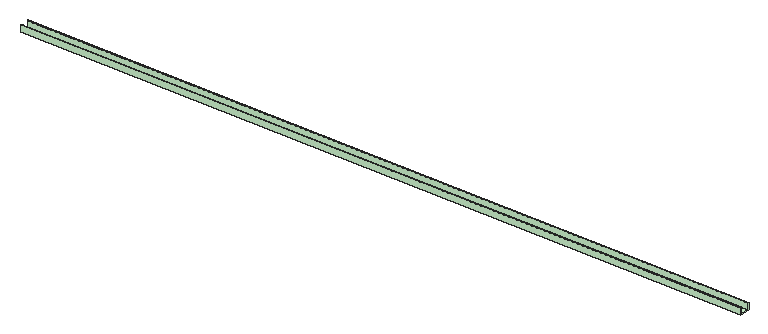
Revit family "SQ-ランナー50", category 機械設備, Revit 2020
Family settings
  丸型コネクタ寸法 = 直径を使用
  種別 = なし
  パーツ タイプ = 標準
  作業面ベース = いいえ
  常に垂直 = はい
  ロード時にボイドで切り取り = いいえ
  共有 = いいえ
  部屋計算ポイント = いいえ
Parameters
  製造元 = "株式会社桐井製作所"
  既定の高さ = 0 mm
  URL = "https://www.kirii.co.jp/"
  K_長さ(mm) [instance] = 4000 mm
  K_材質 = "SGCC　一般用"
  K_外形寸法(mm) = "52×35×35"
  K_品名 = "SQ-ランナー50"
  K_名称 = "角型スタッド用ランナー"
  K_バージョン情報 = "20210524"
  K_めっき付着量 = "Z08"
  K_JIS規格 = "JIS G 3302"
Reference planes
  plane 1 "中心(正面/背面)": y = 0
  plane 2: z = 0
  plane 3 "中心(左/右)": x = 0
  plane 4: x = 4000
  plane 5: y = 26
  plane 6: y = -26
Forms (mm)
  Extrusion 1, solid
    sketch origin (0, 0, 0) x (0, 1, 0) y (0, 0, 1)
      loop
        line (-26, 0) -> (26, 0) -> (26, 35) -> (25.2, 35) -> (25.2, 0.8) -> (-25.2, 0.8) -> (-25.2, 35) -> (-26, 35) -> (-26, 0)
    from 0 to 4000
Dimensions and locks
  "K_長さ(mm)": plane 3 "中心(左/右)" to plane 4
  aligned and locked: level to plane 2
  aligned and locked: plane 4 to Extrusion 1
  aligned and locked: Extrusion 1 to plane 4
Automatic sketch dimensions
  Extrusion 1 sketch curve to plane 6 = 0 mm
  Extrusion 1 sketch curve to plane 5 = 0 mm
  Extrusion 1 sketch curve to level = 0 mm
  plane 6 to Extrusion 1 sketch curve = 0.8 mm
  Extrusion 1 sketch curve to plane 5 = 0.8 mm
  level to Extrusion 1 sketch curve = 0.8 mm
  Extrusion 1 sketch curve to Extrusion 1 sketch curve = 34.2 mm  (x2)
